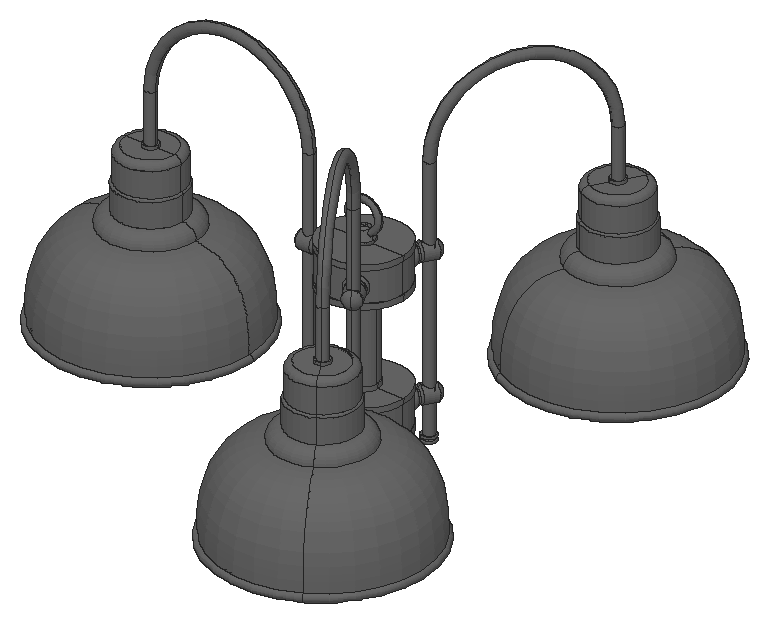
Revit family "SG38 FIXTURE", category Lighting Fixtures, Revit 2024
Family settings
  Round Connector Dimension = Use Diameter
  Part Type = Normal
  OmniClass Number = 23.80.70.00
  OmniClass Title = Lighting
  Work Plane-Based = No
  Always vertical = Yes
  Cut with Voids When Loaded = No
  Light Source = No
  Maintain Annotation Orientation = No
  Shared = No
  Room Calculation Point = No
Parameters
  Default Elevation = 0' - 0"
Reference planes (in)
  plane 1 "Light Source Axis (F/B)": y = 0
  plane 2: z = 0
  plane 3 "Light Source Axis (L/R)": x = 0
  plane 4 "Light Source Elevation": z = 54
Forms (in)
  Revolve 1, solid
    sketch origin (0, 0, 0) x (1, 0, 0) y (0, 0, 1)
      loop
        line (-1.5, 59.62901) -> (-1.5, 59.436) -> (-1.45425, 59.436) -> (-1.45425, 58.31651) -> (-1.5, 58.31651) -> (-1.5, 58.1235) -> (-0.53079, 58.1235) -> (-0.53079, 57.97874) -> (-0.48254, 57.97874) -> (-0.48254, 54.99665) -> (-0.53079, 54.99665) -> (-0.53079, 54.85189) -> (-1.5, 54.85189) -> (-1.5, 54.65888) -> (-1.45425, 54.65888) -> (-1.45425, 53.53939) -> (-1.5, 53.53939) -> (-1.5, 53.34638) -> (-0.14291, 53.34638)
        arc (-0.14291, 53.34638) -> (-0.22408, 53.08264) -> (0, 52.9216) r 0.23643
        line (0, 52.9216) -> (0, 59.62901) -> (0, 60.11155) -> (-0.12768, 60.11155)
        arc (-0.12768, 60.11155) -> (-0.18178, 60.09496) -> (-0.21728, 60.05089) r 0.09651
        line (-0.21728, 60.05089) -> (-0.37554, 59.72893)
        arc (-0.37554, 59.72893) -> (-0.37217, 59.6617) -> (-0.31332, 59.62901) r 0.06933
        line (-0.31332, 59.62901) -> (-1.5, 59.62901)
      axis (0, 52.9216) -> (0, 60.11155)
    angle from 0 to 360
  Sweep 2, solid
    path origin (0, 0, 0) x (1, 0, 0) y (0, 0, 1)
      loop
        arc (0.17905, 59.80632) -> (-0.00156, 61.1136) -> (-0.17605, 59.80549) r 0.6659
    profile origin (-0.00156, 0, 61.1136) x (0.002339, 0, -0.999997) y (0, -1, 0)
      loop
        circle (0.10943, 0) r 0.10985
  Revolve 3, solid
    sketch origin (0, 0, 0) x (1, 0, 0) y (0, 0, 1)
      loop
        line (-1.45425, 58.87626) -> (-1.45425, 59.20093)
        arc (-1.45425, 59.20093) -> (-1.51919, 59.26587) -> (-1.58412, 59.20093) r 0.06494
        line (-1.58412, 59.20093) -> (-1.64906, 59.20093)
        arc (-1.64906, 59.20093) -> (-1.71399, 59.136) -> (-1.77893, 59.20093) r 0.06494
        line (-1.77893, 59.20093) -> (-2.28318, 59.20093)
        arc (-2.28318, 59.20093) -> (-2.41111, 59.0605) -> (-2.45743, 58.87626) r 0.38961
        line (-2.45743, 58.87626) -> (-1.45425, 58.87626)
      axis (-1.45425, 58.87626) -> (-2.45743, 58.87626)
    angle from 0 to 360
  Revolve 4, solid
    sketch origin (0, 0, -4.77789) x (1, 0, 0) y (0, 0, 1)
      loop
        line (-1.45425, 58.87626) -> (-1.45425, 59.20093)
        arc (-1.45425, 59.20093) -> (-1.51919, 59.26587) -> (-1.58412, 59.20093) r 0.06494
        line (-1.58412, 59.20093) -> (-1.64906, 59.20093)
        arc (-1.64906, 59.20093) -> (-1.71399, 59.136) -> (-1.77893, 59.20093) r 0.06494
        line (-1.77893, 59.20093) -> (-2.28318, 59.20093)
        arc (-2.28318, 59.20093) -> (-2.41111, 59.0605) -> (-2.45743, 58.87626) r 0.38961
        line (-2.45743, 58.87626) -> (-1.45425, 58.87626)
      axis (-1.45425, 58.87626) -> (-2.45743, 58.87626)
    angle from 0 to 360
  Sweep 5, solid
    path origin (0, 0, 0) x (1, 0, 0) y (0, 0, 1)
      loop
        line (-2.03967, 52.74803) -> (-2.03967, 61.85943)
        arc (-2.03967, 61.85943) -> (-4.99444, 64.8142) -> (-7.94921, 61.85943) r 2.95477
        line (-7.94921, 61.85943) -> (-7.94921, 60.07761)
    profile origin (-2.03967, 0, 57.30373) x (-1, 0, 0) y (0, -1, 0)
      loop
        circle (0, 0) r 0.1875
  Revolve 6, solid
    sketch origin (0, 0, 0) x (1, 0, 0) y (0, 0, 1)
      loop
        spline (-11.5338, 54.25604) -> (-11.53327, 54.62054) -> (-11.51765, 54.94785) -> (-11.49462, 55.20215) -> (-11.4387, 55.52355) -> (-11.34166, 55.86623) -> (-11.21238, 56.18469) -> (-11.05634, 56.4592) -> (-10.86408, 56.70149) -> (-10.63792, 56.91334) -> (-10.38044, 57.08433) -> (-10.00557, 57.22866) -> (-9.53349, 57.29425)
        arc (-9.53349, 57.29425) -> (-9.43019, 57.66173) -> (-9.0618, 57.76174) r 0.38694
        line (-9.0618, 57.76174) -> (-9.0618, 58.75549) -> (-8.98942, 58.82787) -> (-8.98942, 59.74949)
        arc (-8.98942, 59.74949) -> (-8.94621, 59.8538) -> (-8.8419, 59.897) r 0.14752
        line (-8.8419, 59.897) -> (-7.94921, 59.897) -> (-7.94921, 60.07761) -> (-8.2146, 60.07761) -> (-8.2146, 59.99075) -> (-8.8419, 59.99075)
        arc (-8.8419, 59.99075) -> (-9.0125, 59.92009) -> (-9.08317, 59.74949) r 0.24127
        line (-9.08317, 59.74949) -> (-9.08317, 58.83266)
        arc (-9.08317, 58.83266) -> (-9.13283, 58.80671) -> (-9.15555, 58.75549) r 0.085
        line (-9.15555, 58.75549) -> (-9.15555, 57.86758)
        arc (-9.15555, 57.86758) -> (-9.49691, 57.7276) -> (-9.63849, 57.3869) r 0.48069
        spline (-9.63849, 57.3869) -> (-10.117, 57.29295) -> (-10.47221, 57.14022) -> (-10.72912, 56.95719) -> (-10.95531, 56.73627) -> (-11.14643, 56.48532) -> (-11.30177, 56.20185) -> (-11.42964, 55.87717) -> (-11.5243, 55.53356) -> (-11.57801, 55.2147) -> (-11.60029, 54.96192) -> (-11.61586, 54.63792) -> (-11.61658, 54.2789)
        arc (-11.61658, 54.2789) -> (-11.64765, 54.00503) -> (-11.5338, 54.25604) r 0.13952
      axis (-7.94921, 60.07761) -> (-7.94921, 54.25604)
    angle from 0 to 360
  Revolve 7, solid
    sketch origin (0, 0, 0) x (1, 0, 0) y (0, 0, 1)
      loop
        line (-2.03103, 52.74803) -> (-2.29162, 52.74803) -> (-2.29162, 52.68626) -> (-2.25302, 52.68626)
        arc (-2.25302, 52.68626) -> (-2.20187, 52.63512) -> (-2.25302, 52.58397) r 0.05115
        arc (-2.25302, 52.58397) -> (-2.29162, 52.54536) -> (-2.25302, 52.50676) r 0.0386
        line (-2.25302, 52.50676) -> (-2.03103, 52.50676) -> (-2.03103, 52.74803)
      axis (-2.03103, 52.74803) -> (-2.03103, 52.50676)
    angle from 0 to 360
  Revolve 8, solid, not visible
    sketch origin (0, 0, 0) x (1, 0, 0) y (0, 0, 1)
      loop
        line (-1.45425, 58.87626) -> (-1.45425, 59.20093)
        arc (-1.45425, 59.20093) -> (-1.51919, 59.26587) -> (-1.58412, 59.20093) r 0.06494
        line (-1.58412, 59.20093) -> (-1.64906, 59.20093)
        arc (-1.64906, 59.20093) -> (-1.71399, 59.136) -> (-1.77893, 59.20093) r 0.06494
        line (-1.77893, 59.20093) -> (-2.28318, 59.20093)
        arc (-2.28318, 59.20093) -> (-2.41111, 59.0605) -> (-2.45743, 58.87626) r 0.38961
        line (-2.45743, 58.87626) -> (-1.45425, 58.87626)
      axis (-1.45425, 58.87626) -> (-2.45743, 58.87626)
    angle from 0 to 360
  Revolve 9, solid, not visible
    sketch origin (0, 0, -4.77789) x (1, 0, 0) y (0, 0, 1)
      loop
        line (-1.45425, 58.87626) -> (-1.45425, 59.20093)
        arc (-1.45425, 59.20093) -> (-1.51919, 59.26587) -> (-1.58412, 59.20093) r 0.06494
        line (-1.58412, 59.20093) -> (-1.64906, 59.20093)
        arc (-1.64906, 59.20093) -> (-1.71399, 59.136) -> (-1.77893, 59.20093) r 0.06494
        line (-1.77893, 59.20093) -> (-2.28318, 59.20093)
        arc (-2.28318, 59.20093) -> (-2.41111, 59.0605) -> (-2.45743, 58.87626) r 0.38961
        line (-2.45743, 58.87626) -> (-1.45425, 58.87626)
      axis (-1.45425, 58.87626) -> (-2.45743, 58.87626)
    angle from 0 to 360
  Sweep 10, solid, not visible
    path origin (0, 0, 0) x (1, 0, 0) y (0, 0, 1)
      loop
        line (-2.03967, 52.74803) -> (-2.03967, 61.85943)
        arc (-2.03967, 61.85943) -> (-4.99444, 64.8142) -> (-7.94921, 61.85943) r 2.95477
        line (-7.94921, 61.85943) -> (-7.94921, 60.07761)
    profile origin (-2.03967, 0, 57.30373) x (-1, 0, 0) y (0, -1, 0)
      loop
        circle (0, 0) r 0.1875
  Revolve 11, solid, not visible
    sketch origin (0, 0, 0) x (1, 0, 0) y (0, 0, 1)
      loop
        spline (-11.5338, 54.25604) -> (-11.53327, 54.62054) -> (-11.51765, 54.94785) -> (-11.49462, 55.20215) -> (-11.4387, 55.52355) -> (-11.34166, 55.86623) -> (-11.21238, 56.18469) -> (-11.05634, 56.4592) -> (-10.86408, 56.70149) -> (-10.63792, 56.91334) -> (-10.38044, 57.08433) -> (-10.00557, 57.22866) -> (-9.53349, 57.29425)
        arc (-9.53349, 57.29425) -> (-9.43019, 57.66173) -> (-9.0618, 57.76174) r 0.38694
        line (-9.0618, 57.76174) -> (-9.0618, 58.75549) -> (-8.98942, 58.82787) -> (-8.98942, 59.74949)
        arc (-8.98942, 59.74949) -> (-8.94621, 59.8538) -> (-8.8419, 59.897) r 0.14752
        line (-8.8419, 59.897) -> (-7.94921, 59.897) -> (-7.94921, 60.07761) -> (-8.2146, 60.07761) -> (-8.2146, 59.99075) -> (-8.8419, 59.99075)
        arc (-8.8419, 59.99075) -> (-9.0125, 59.92009) -> (-9.08317, 59.74949) r 0.24127
        line (-9.08317, 59.74949) -> (-9.08317, 58.83266)
        arc (-9.08317, 58.83266) -> (-9.13283, 58.80671) -> (-9.15555, 58.75549) r 0.085
        line (-9.15555, 58.75549) -> (-9.15555, 57.86758)
        arc (-9.15555, 57.86758) -> (-9.49691, 57.7276) -> (-9.63849, 57.3869) r 0.48069
        spline (-9.63849, 57.3869) -> (-10.117, 57.29295) -> (-10.47221, 57.14022) -> (-10.72912, 56.95719) -> (-10.95531, 56.73627) -> (-11.14643, 56.48532) -> (-11.30177, 56.20185) -> (-11.42964, 55.87717) -> (-11.5243, 55.53356) -> (-11.57801, 55.2147) -> (-11.60029, 54.96192) -> (-11.61586, 54.63792) -> (-11.61658, 54.2789)
        arc (-11.61658, 54.2789) -> (-11.64765, 54.00503) -> (-11.5338, 54.25604) r 0.13952
      axis (-7.94921, 60.07761) -> (-7.94921, 54.25604)
    angle from 0 to 360
  Revolve 12, solid, not visible
    sketch origin (0, 0, 0) x (1, 0, 0) y (0, 0, 1)
      loop
        line (-2.03103, 52.74803) -> (-2.29162, 52.74803) -> (-2.29162, 52.68626) -> (-2.25302, 52.68626)
        arc (-2.25302, 52.68626) -> (-2.20187, 52.63512) -> (-2.25302, 52.58397) r 0.05115
        arc (-2.25302, 52.58397) -> (-2.29162, 52.54536) -> (-2.25302, 52.50676) r 0.0386
        line (-2.25302, 52.50676) -> (-2.03103, 52.50676) -> (-2.03103, 52.74803)
      axis (-2.03103, 52.74803) -> (-2.03103, 52.50676)
    angle from 0 to 360
  Revolve 13, solid
    sketch origin (0, 0, 0) x (-0.5, -0.866025, 0) y (0, 0, 1)
      loop
        line (-1.45425, 58.87626) -> (-1.45425, 59.20093)
        arc (-1.45425, 59.20093) -> (-1.51919, 59.26587) -> (-1.58412, 59.20093) r 0.06494
        line (-1.58412, 59.20093) -> (-1.64906, 59.20093)
        arc (-1.64906, 59.20093) -> (-1.71399, 59.136) -> (-1.77893, 59.20093) r 0.06494
        line (-1.77893, 59.20093) -> (-2.28318, 59.20093)
        arc (-2.28318, 59.20093) -> (-2.41111, 59.0605) -> (-2.45743, 58.87626) r 0.38961
        line (-2.45743, 58.87626) -> (-1.45425, 58.87626)
      axis (-1.45425, 58.87626) -> (-2.45743, 58.87626)
    angle from 0 to 360
  Revolve 14, solid
    sketch origin (0, 0, -4.77789) x (-0.5, -0.866025, 0) y (0, 0, 1)
      loop
        line (-1.45425, 58.87626) -> (-1.45425, 59.20093)
        arc (-1.45425, 59.20093) -> (-1.51919, 59.26587) -> (-1.58412, 59.20093) r 0.06494
        line (-1.58412, 59.20093) -> (-1.64906, 59.20093)
        arc (-1.64906, 59.20093) -> (-1.71399, 59.136) -> (-1.77893, 59.20093) r 0.06494
        line (-1.77893, 59.20093) -> (-2.28318, 59.20093)
        arc (-2.28318, 59.20093) -> (-2.41111, 59.0605) -> (-2.45743, 58.87626) r 0.38961
        line (-2.45743, 58.87626) -> (-1.45425, 58.87626)
      axis (-1.45425, 58.87626) -> (-2.45743, 58.87626)
    angle from 0 to 360
  Sweep 15, solid
    path origin (0, 0, 0) x (-0.5, -0.866025, 0) y (0, 0, 1)
      loop
        line (-2.03967, 52.74803) -> (-2.03967, 61.85943)
        arc (-2.03967, 61.85943) -> (-4.99444, 64.8142) -> (-7.94921, 61.85943) r 2.95477
        line (-7.94921, 61.85943) -> (-7.94921, 60.07761)
    profile origin (1.01984, 1.76641, 57.30373) x (0.5, 0.866025, 0) y (-0.866025, 0.5, 0)
      loop
        circle (0, 0) r 0.1875
  Revolve 16, solid
    sketch origin (0, 0, 0) x (-0.5, -0.866025, 0) y (0, 0, 1)
      loop
        spline (-11.5338, 54.25604) -> (-11.53327, 54.62054) -> (-11.51765, 54.94785) -> (-11.49462, 55.20215) -> (-11.4387, 55.52355) -> (-11.34166, 55.86623) -> (-11.21238, 56.18469) -> (-11.05634, 56.4592) -> (-10.86408, 56.70149) -> (-10.63792, 56.91334) -> (-10.38044, 57.08433) -> (-10.00557, 57.22866) -> (-9.53349, 57.29425)
        arc (-9.53349, 57.29425) -> (-9.43019, 57.66173) -> (-9.0618, 57.76174) r 0.38694
        line (-9.0618, 57.76174) -> (-9.0618, 58.75549) -> (-8.98942, 58.82787) -> (-8.98942, 59.74949)
        arc (-8.98942, 59.74949) -> (-8.94621, 59.8538) -> (-8.8419, 59.897) r 0.14752
        line (-8.8419, 59.897) -> (-7.94921, 59.897) -> (-7.94921, 60.07761) -> (-8.2146, 60.07761) -> (-8.2146, 59.99075) -> (-8.8419, 59.99075)
        arc (-8.8419, 59.99075) -> (-9.0125, 59.92009) -> (-9.08317, 59.74949) r 0.24127
        line (-9.08317, 59.74949) -> (-9.08317, 58.83266)
        arc (-9.08317, 58.83266) -> (-9.13283, 58.80671) -> (-9.15555, 58.75549) r 0.085
        line (-9.15555, 58.75549) -> (-9.15555, 57.86758)
        arc (-9.15555, 57.86758) -> (-9.49691, 57.7276) -> (-9.63849, 57.3869) r 0.48069
        spline (-9.63849, 57.3869) -> (-10.117, 57.29295) -> (-10.47221, 57.14022) -> (-10.72912, 56.95719) -> (-10.95531, 56.73627) -> (-11.14643, 56.48532) -> (-11.30177, 56.20185) -> (-11.42964, 55.87717) -> (-11.5243, 55.53356) -> (-11.57801, 55.2147) -> (-11.60029, 54.96192) -> (-11.61586, 54.63792) -> (-11.61658, 54.2789)
        arc (-11.61658, 54.2789) -> (-11.64765, 54.00503) -> (-11.5338, 54.25604) r 0.13952
      axis (-7.94921, 60.07761) -> (-7.94921, 54.25604)
    angle from 0 to 360
  Revolve 17, solid
    sketch origin (0, 0, 0) x (-0.5, -0.866025, 0) y (0, 0, 1)
      loop
        line (-2.03103, 52.74803) -> (-2.29162, 52.74803) -> (-2.29162, 52.68626) -> (-2.25302, 52.68626)
        arc (-2.25302, 52.68626) -> (-2.20187, 52.63512) -> (-2.25302, 52.58397) r 0.05115
        arc (-2.25302, 52.58397) -> (-2.29162, 52.54536) -> (-2.25302, 52.50676) r 0.0386
        line (-2.25302, 52.50676) -> (-2.03103, 52.50676) -> (-2.03103, 52.74803)
      axis (-2.03103, 52.74803) -> (-2.03103, 52.50676)
    angle from 0 to 360
  Revolve 18, solid
    sketch origin (0, 0, 0) x (-0.5, 0.866025, 0) y (0, 0, 1)
      loop
        line (-1.45425, 58.87626) -> (-1.45425, 59.20093)
        arc (-1.45425, 59.20093) -> (-1.51919, 59.26587) -> (-1.58412, 59.20093) r 0.06494
        line (-1.58412, 59.20093) -> (-1.64906, 59.20093)
        arc (-1.64906, 59.20093) -> (-1.71399, 59.136) -> (-1.77893, 59.20093) r 0.06494
        line (-1.77893, 59.20093) -> (-2.28318, 59.20093)
        arc (-2.28318, 59.20093) -> (-2.41111, 59.0605) -> (-2.45743, 58.87626) r 0.38961
        line (-2.45743, 58.87626) -> (-1.45425, 58.87626)
      axis (-1.45425, 58.87626) -> (-2.45743, 58.87626)
    angle from 0 to 360
  Revolve 19, solid
    sketch origin (0, 0, -4.77789) x (-0.5, 0.866025, 0) y (0, 0, 1)
      loop
        line (-1.45425, 58.87626) -> (-1.45425, 59.20093)
        arc (-1.45425, 59.20093) -> (-1.51919, 59.26587) -> (-1.58412, 59.20093) r 0.06494
        line (-1.58412, 59.20093) -> (-1.64906, 59.20093)
        arc (-1.64906, 59.20093) -> (-1.71399, 59.136) -> (-1.77893, 59.20093) r 0.06494
        line (-1.77893, 59.20093) -> (-2.28318, 59.20093)
        arc (-2.28318, 59.20093) -> (-2.41111, 59.0605) -> (-2.45743, 58.87626) r 0.38961
        line (-2.45743, 58.87626) -> (-1.45425, 58.87626)
      axis (-1.45425, 58.87626) -> (-2.45743, 58.87626)
    angle from 0 to 360
  Sweep 20, solid
    path origin (0, 0, 0) x (-0.5, 0.866025, 0) y (0, 0, 1)
      loop
        line (-2.03967, 52.74803) -> (-2.03967, 61.85943)
        arc (-2.03967, 61.85943) -> (-4.99444, 64.8142) -> (-7.94921, 61.85943) r 2.95477
        line (-7.94921, 61.85943) -> (-7.94921, 60.07761)
    profile origin (1.01984, -1.76641, 57.30373) x (0.5, -0.866025, 0) y (0.866025, 0.5, 0)
      loop
        circle (0, 0) r 0.1875
  Revolve 21, solid
    sketch origin (0, 0, 0) x (-0.5, 0.866025, 0) y (0, 0, 1)
      loop
        spline (-11.5338, 54.25604) -> (-11.53327, 54.62054) -> (-11.51765, 54.94785) -> (-11.49462, 55.20215) -> (-11.4387, 55.52355) -> (-11.34166, 55.86623) -> (-11.21238, 56.18469) -> (-11.05634, 56.4592) -> (-10.86408, 56.70149) -> (-10.63792, 56.91334) -> (-10.38044, 57.08433) -> (-10.00557, 57.22866) -> (-9.53349, 57.29425)
        arc (-9.53349, 57.29425) -> (-9.43019, 57.66173) -> (-9.0618, 57.76174) r 0.38694
        line (-9.0618, 57.76174) -> (-9.0618, 58.75549) -> (-8.98942, 58.82787) -> (-8.98942, 59.74949)
        arc (-8.98942, 59.74949) -> (-8.94621, 59.8538) -> (-8.8419, 59.897) r 0.14752
        line (-8.8419, 59.897) -> (-7.94921, 59.897) -> (-7.94921, 60.07761) -> (-8.2146, 60.07761) -> (-8.2146, 59.99075) -> (-8.8419, 59.99075)
        arc (-8.8419, 59.99075) -> (-9.0125, 59.92009) -> (-9.08317, 59.74949) r 0.24127
        line (-9.08317, 59.74949) -> (-9.08317, 58.83266)
        arc (-9.08317, 58.83266) -> (-9.13283, 58.80671) -> (-9.15555, 58.75549) r 0.085
        line (-9.15555, 58.75549) -> (-9.15555, 57.86758)
        arc (-9.15555, 57.86758) -> (-9.49691, 57.7276) -> (-9.63849, 57.3869) r 0.48069
        spline (-9.63849, 57.3869) -> (-10.117, 57.29295) -> (-10.47221, 57.14022) -> (-10.72912, 56.95719) -> (-10.95531, 56.73627) -> (-11.14643, 56.48532) -> (-11.30177, 56.20185) -> (-11.42964, 55.87717) -> (-11.5243, 55.53356) -> (-11.57801, 55.2147) -> (-11.60029, 54.96192) -> (-11.61586, 54.63792) -> (-11.61658, 54.2789)
        arc (-11.61658, 54.2789) -> (-11.64765, 54.00503) -> (-11.5338, 54.25604) r 0.13952
      axis (-7.94921, 60.07761) -> (-7.94921, 54.25604)
    angle from 0 to 360
  Revolve 22, solid
    sketch origin (0, 0, 0) x (-0.5, 0.866025, 0) y (0, 0, 1)
      loop
        line (-2.03103, 52.74803) -> (-2.29162, 52.74803) -> (-2.29162, 52.68626) -> (-2.25302, 52.68626)
        arc (-2.25302, 52.68626) -> (-2.20187, 52.63512) -> (-2.25302, 52.58397) r 0.05115
        arc (-2.25302, 52.58397) -> (-2.29162, 52.54536) -> (-2.25302, 52.50676) r 0.0386
        line (-2.25302, 52.50676) -> (-2.03103, 52.50676) -> (-2.03103, 52.74803)
      axis (-2.03103, 52.74803) -> (-2.03103, 52.50676)
    angle from 0 to 360
Dimensions and locks (in)
  aligned and locked: level to plane 2
